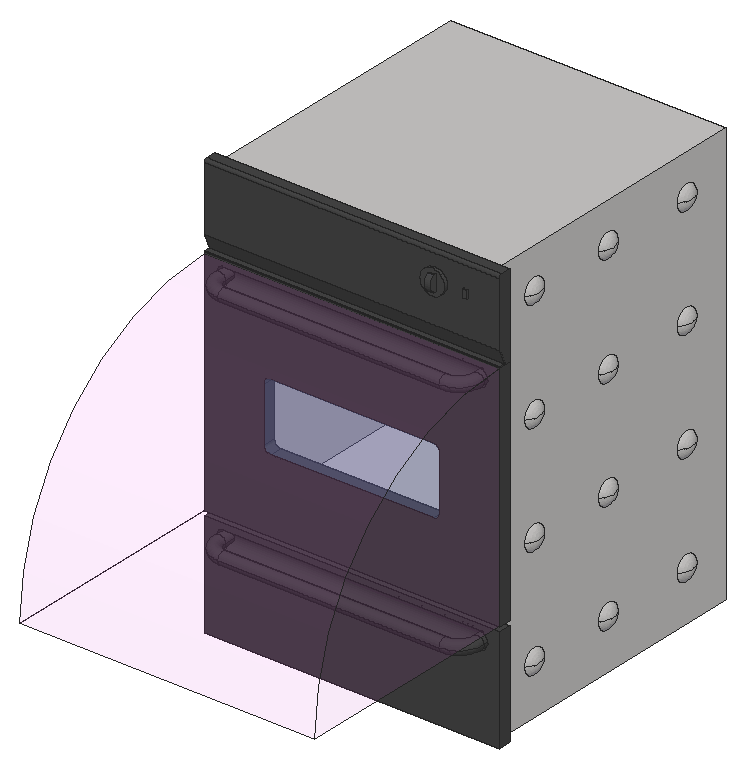
Revit family "QF_Summit_TTM7212DK_Oven", category Specialty Equipment, Revit 2020
Family settings
  Round Connector Dimension = Use Diameter
  Part Type = Normal
  Work Plane-Based = No
  Always vertical = Yes
  Cut with Voids When Loaded = No
  Shared = No
  Room Calculation Point = No
Parameters
  Weight in Pounds = 140
  Watts = if(Phase = 3, Volts * FL Amps * 1.73, Volts * FL Amps)  # 414 W
  Volts = 115 V
  URL Cutsheet = ""
  Specification by User = ""
  Specification by Manufacturer = ""
  Show Clearance [instance] = yes
  Serial Number = ""
  Seismic Rating = ""
  SMACNA No = ""
  Revision Code = ""
  Phase = 1
  Number of Poles = 1
  NAFEM Spec ID Number = ""
  Model = "TTM7212DK"
  Min Ckt Ampacity = 0 A
  Max Overcurrent Protection = 0 A
  Masterspec = ""
  Manufacturer = "Summit"
  Length = 24"
  Item Number = ""
  Installed By = ""
  Identify Quantity as Lot = yes
  Height = 34 1/2"
  HP = ""
  Furnished By = ""
  Foodservice Equipment Identifier = yes
  FL Amps = 3.6 A
  Electrical Remarks = ""
  Electric Connection Type = ""
  Elec Conn RI Height = 0"
  Elec Conn Connection Height = 0"
  Description = "Oven"
  Depth = 24"
  Default Elevation = 0"
  Cycle = 60 Hz
  Conn Plug = ""
  Conn Conduit = yes
  CSI MasterFormat = ""
  Apparent Power = if(Phase = 3, Volts * FL Amps * 1.73, Volts * FL Amps)  # 414 VA
Reference planes (in)
  plane 1 "BACK": y = 0
  plane 2: z = 0
  plane 3 "LEFT": x = 0
  plane 4 "RIGHT": x = 24
  plane 5 "FRONT": y = -24
  plane 6 "TOP": z = 34.875
  plane 7 "Center Y": x = 12
  plane 8 "Center X": y = -12
  plane 9: y = -23
  plane 10: y = -26.375
  plane 11: z = 27.75
  plane 12: z = 8.5
  plane 13: z = 8.875
  plane 14: y = -42.75
  plane 15: z = 34.5
Forms (in)
  Extrusion 1, solid, material "QF_Metal_Stainless_Polished"
    sketch origin (0, 0, 0) x (1, 0, 0) y (0, 1, 0)
      loop
        line (0.8125, 0) -> (0.8125, -23) -> (23.1875, -23) -> (23.1875, 0) -> (0.8125, 0)
    from 0 to 34.375
  Extrusion 2, solid, material "QF_Metal_Black"
    sketch origin (0, -24, 0.125) x (1, 0, 0) y (0, 0, 1)
      loop
        line (0, 8.375) -> (0, -0.125) -> (24, -0.125) -> (24, 8.375) -> (0, 8.375)
      loop
        line (0, 8.75) -> (24, 8.75) -> (24, 27.625) -> (0, 27.625) -> (0, 8.75)
    from 0 to -1
  Extrusion 3, solid, material "QF_Metal_Black"
    sketch origin (0, 0, 0) x (0, 1, 0) y (0, 0, 1)
      loop
        line (-23, 34.5) -> (-23.75, 34.5)
        arc (-23.75, 34.5) -> (-23.92678, 34.42678) -> (-24, 34.25) r 0.25
        line (-24, 34.25) -> (-24, 29) -> (-23.5, 27.79419) -> (-24, 27.79419) -> (-24, 27.75) -> (-23, 27.75) -> (-23, 34.5)
    from 0 to 24
  Revolve 4, void
    sketch origin (0, -0.05469, 26.49744) x (1, 0, 0) y (0, 1, 0)
      loop
        line (1, -24.15625) -> (23, -24.15625) -> (23, -24.00262)
        arc (23, -24.00262) -> (22.82068, -23.56969) -> (22.38775, -23.39037) r 0.61225
        line (22.38775, -23.39037) -> (1.61225, -23.39037)
        arc (1.61225, -23.39037) -> (1.17932, -23.56969) -> (1, -24.00262) r 0.61225
        line (1, -24.00262) -> (1, -24.15625)
      axis (23, -24.15625) -> (1, -24.15625)
    angle from -134.169 to 145.733
  Revolve 5, void
    sketch origin (0, -0.05469, 7.32557) x (1, 0, 0) y (0, 1, 0)
      loop
        line (1, -24.15625) -> (23, -24.15625) -> (23, -24.00262)
        arc (23, -24.00262) -> (22.82068, -23.56969) -> (22.38775, -23.39037) r 0.61225
        line (22.38775, -23.39037) -> (1.61225, -23.39037)
        arc (1.61225, -23.39037) -> (1.17932, -23.56969) -> (1, -24.00262) r 0.61225
        line (1, -24.00262) -> (1, -24.15625)
      axis (23, -24.15625) -> (1, -24.15625)
    angle from -134.169 to 145.733
  Sweep 6, solid, material "QF_Metal_Black"
    path origin (0, 0, 0) x (1, 0, 0) y (0, 1, 0)
      loop
        line (1, -23.5) -> (1, -24.375)
        arc (1, -24.375) -> (1.58579, -25.78921) -> (3, -26.375) r 2
        line (3, -26.375) -> (21, -26.375)
        arc (21, -26.375) -> (22.41421, -25.78921) -> (23, -24.375) r 2
        line (23, -24.375) -> (23, -23.5)
    profile origin (12, -26.375, 0) x (0, 1, 0) y (0, 0, 1)
      loop
        circle (0.5, 26.5) r 0.5
  Sweep 7, solid, material "QF_Metal_Black"
    path origin (0, 0, -19.17187) x (1, 0, 0) y (0, 1, 0)
      loop
        line (1, -23.5) -> (1, -24.375)
        arc (1, -24.375) -> (1.58579, -25.78921) -> (3, -26.375) r 2
        line (3, -26.375) -> (21, -26.375)
        arc (21, -26.375) -> (22.41421, -25.78921) -> (23, -24.375) r 2
        line (23, -24.375) -> (23, -23.5)
    profile origin (12, -26.375, -19.17187) x (0, 1, 0) y (0, 0, 1)
      loop
        circle (0.5, 26.5) r 0.5
  Extrusion 8, solid, material "QF_Plastic_Black_Smooth"
    sketch origin (20.91227, -24, 32.63936) x (0, 0, 1) y (0, -1, 0)
      loop
        line (-0.12746, 0) -> (-0.12746, 0.10905)
        arc (-0.12746, 0.10905) -> (-0.44721, 0.08236) -> (-0.76795, 0.07343) r 5.7865
        line (-0.76795, 0.07343) -> (-0.76795, 0) -> (-0.12746, 0)
    from 0.1968 to 0.4972
  Extrusion 9, solid, material "QF_Plastic_Black_Smooth"
    sketch origin (0, -24, 29) x (0, 0, 1) y (-1, 0, 0)
      loop
        circle (3.25, -18.75) r 1
    from 0 to 0.25
  Extrusion 10, solid, material "QF_Plastic_Black_Smooth"
    sketch origin (-0.04382, 0, 0) x (0, 1, 0) y (0, 0, 1)
      loop
        line (-24.25, 32.91606) -> (-24.40555, 32.91606)
        arc (-24.40555, 32.91606) -> (-24.75, 32.2654) -> (-24.40555, 31.61474) r 0.78677
        line (-24.40555, 31.61474) -> (-24.25, 31.61474) -> (-24.25, 32.91606)
    from 19.04382 to 18.54382
  Revolve 11, solid, material "QF_Metal_Stainless_Polished"
    sketch origin (0, 0, 4.125) x (1, 0, 0) y (0, 1, 0)
      loop
        line (23.1875, -4) -> (23.6875, -4)
        arc (23.6875, -4) -> (23.55162, -3.44294) -> (23.1875, -3) r 1.28845
        line (23.1875, -3) -> (23.1875, -4)
      axis (23.1875, -4) -> (23.6875, -4)
    angle from 0 to 360
  Revolve 12, solid, material "QF_Metal_Stainless_Polished"
    sketch origin (0, 0, 13.125) x (1, 0, 0) y (0, 1, 0)
      loop
        line (23.1875, -4) -> (23.6875, -4)
        arc (23.6875, -4) -> (23.55162, -3.44294) -> (23.1875, -3) r 1.28845
        line (23.1875, -3) -> (23.1875, -4)
      axis (23.1875, -4) -> (23.6875, -4)
    angle from 0 to 360
  Revolve 13, solid, material "QF_Metal_Stainless_Polished"
    sketch origin (0, 0, 22.125) x (1, 0, 0) y (0, 1, 0)
      loop
        line (23.1875, -4) -> (23.6875, -4)
        arc (23.6875, -4) -> (23.55162, -3.44294) -> (23.1875, -3) r 1.28845
        line (23.1875, -3) -> (23.1875, -4)
      axis (23.1875, -4) -> (23.6875, -4)
    angle from 0 to 360
  Revolve 14, solid, material "QF_Metal_Stainless_Polished"
    sketch origin (0, 0, 31.125) x (1, 0, 0) y (0, 1, 0)
      loop
        line (23.1875, -4) -> (23.6875, -4)
        arc (23.6875, -4) -> (23.55162, -3.44294) -> (23.1875, -3) r 1.28845
        line (23.1875, -3) -> (23.1875, -4)
      axis (23.1875, -4) -> (23.6875, -4)
    angle from 0 to 360
  Revolve 15, solid, material "QF_Metal_Stainless_Polished"
    sketch origin (0, -8, 31.125) x (1, 0, 0) y (0, 1, 0)
      loop
        line (23.1875, -4) -> (23.6875, -4)
        arc (23.6875, -4) -> (23.55162, -3.44294) -> (23.1875, -3) r 1.28845
        line (23.1875, -3) -> (23.1875, -4)
      axis (23.1875, -4) -> (23.6875, -4)
    angle from 0 to 360
  Revolve 16, solid, material "QF_Metal_Stainless_Polished"
    sketch origin (0, -15.5, 31.125) x (1, 0, 0) y (0, 1, 0)
      loop
        line (23.1875, -4) -> (23.6875, -4)
        arc (23.6875, -4) -> (23.55162, -3.44294) -> (23.1875, -3) r 1.28845
        line (23.1875, -3) -> (23.1875, -4)
      axis (23.1875, -4) -> (23.6875, -4)
    angle from 0 to 360
  Revolve 17, solid, material "QF_Metal_Stainless_Polished"
    sketch origin (0, -8, 4.125) x (1, 0, 0) y (0, 1, 0)
      loop
        line (23.1875, -4) -> (23.6875, -4)
        arc (23.6875, -4) -> (23.55162, -3.44294) -> (23.1875, -3) r 1.28845
        line (23.1875, -3) -> (23.1875, -4)
      axis (23.1875, -4) -> (23.6875, -4)
    angle from 0 to 360
  Revolve 18, solid, material "QF_Metal_Stainless_Polished"
    sketch origin (0, -8, 13.125) x (1, 0, 0) y (0, 1, 0)
      loop
        line (23.1875, -4) -> (23.6875, -4)
        arc (23.6875, -4) -> (23.55162, -3.44294) -> (23.1875, -3) r 1.28845
        line (23.1875, -3) -> (23.1875, -4)
      axis (23.1875, -4) -> (23.6875, -4)
    angle from 0 to 360
  Revolve 19, solid, material "QF_Metal_Stainless_Polished"
    sketch origin (0, -8, 22.125) x (1, 0, 0) y (0, 1, 0)
      loop
        line (23.1875, -4) -> (23.6875, -4)
        arc (23.6875, -4) -> (23.55162, -3.44294) -> (23.1875, -3) r 1.28845
        line (23.1875, -3) -> (23.1875, -4)
      axis (23.1875, -4) -> (23.6875, -4)
    angle from 0 to 360
  Revolve 20, solid, material "QF_Metal_Stainless_Polished"
    sketch origin (0, -15.5, 4.125) x (1, 0, 0) y (0, 1, 0)
      loop
        line (23.1875, -4) -> (23.6875, -4)
        arc (23.6875, -4) -> (23.55162, -3.44294) -> (23.1875, -3) r 1.28845
        line (23.1875, -3) -> (23.1875, -4)
      axis (23.1875, -4) -> (23.6875, -4)
    angle from 0 to 360
  Revolve 21, solid, material "QF_Metal_Stainless_Polished"
    sketch origin (0, -15.5, 13.125) x (1, 0, 0) y (0, 1, 0)
      loop
        line (23.1875, -4) -> (23.6875, -4)
        arc (23.6875, -4) -> (23.55162, -3.44294) -> (23.1875, -3) r 1.28845
        line (23.1875, -3) -> (23.1875, -4)
      axis (23.1875, -4) -> (23.6875, -4)
    angle from 0 to 360
  Revolve 22, solid, material "QF_Metal_Stainless_Polished"
    sketch origin (0, -15.5, 22.125) x (1, 0, 0) y (0, 1, 0)
      loop
        line (23.1875, -4) -> (23.6875, -4)
        arc (23.6875, -4) -> (23.55162, -3.44294) -> (23.1875, -3) r 1.28845
        line (23.1875, -3) -> (23.1875, -4)
      axis (23.1875, -4) -> (23.6875, -4)
    angle from 0 to 360
  Revolve 23, solid, material "QF_Metal_Stainless_Polished"
    sketch origin (24, 0, 4.125) x (-1, 0, 0) y (0, -1, 0)
      loop
        line (23.1875, 4) -> (23.1875, 3)
        arc (23.1875, 3) -> (23.55162, 3.44294) -> (23.6875, 4) r 1.28845
        line (23.6875, 4) -> (23.1875, 4)
      axis (23.1875, 4) -> (23.6875, 4)
    angle from 0 to 360
  Revolve 24, solid, material "QF_Metal_Stainless_Polished"
    sketch origin (24, 0, 13.125) x (-1, 0, 0) y (0, -1, 0)
      loop
        line (23.1875, 4) -> (23.1875, 3)
        arc (23.1875, 3) -> (23.55162, 3.44294) -> (23.6875, 4) r 1.28845
        line (23.6875, 4) -> (23.1875, 4)
      axis (23.1875, 4) -> (23.6875, 4)
    angle from 0 to 360
  Revolve 25, solid, material "QF_Metal_Stainless_Polished"
    sketch origin (24, 0, 22.125) x (-1, 0, 0) y (0, -1, 0)
      loop
        line (23.1875, 4) -> (23.1875, 3)
        arc (23.1875, 3) -> (23.55162, 3.44294) -> (23.6875, 4) r 1.28845
        line (23.6875, 4) -> (23.1875, 4)
      axis (23.1875, 4) -> (23.6875, 4)
    angle from 0 to 360
  Revolve 26, solid, material "QF_Metal_Stainless_Polished"
    sketch origin (24, 0, 31.125) x (-1, 0, 0) y (0, -1, 0)
      loop
        line (23.1875, 4) -> (23.1875, 3)
        arc (23.1875, 3) -> (23.55162, 3.44294) -> (23.6875, 4) r 1.28845
        line (23.6875, 4) -> (23.1875, 4)
      axis (23.1875, 4) -> (23.6875, 4)
    angle from 0 to 360
  Revolve 27, solid, material "QF_Metal_Stainless_Polished"
    sketch origin (24, -8, 31.125) x (-1, 0, 0) y (0, -1, 0)
      loop
        line (23.1875, 4) -> (23.1875, 3)
        arc (23.1875, 3) -> (23.55162, 3.44294) -> (23.6875, 4) r 1.28845
        line (23.6875, 4) -> (23.1875, 4)
      axis (23.1875, 4) -> (23.6875, 4)
    angle from 0 to 360
  Revolve 28, solid, material "QF_Metal_Stainless_Polished"
    sketch origin (24, -15.5, 31.125) x (-1, 0, 0) y (0, -1, 0)
      loop
        line (23.1875, 4) -> (23.1875, 3)
        arc (23.1875, 3) -> (23.55162, 3.44294) -> (23.6875, 4) r 1.28845
        line (23.6875, 4) -> (23.1875, 4)
      axis (23.1875, 4) -> (23.6875, 4)
    angle from 0 to 360
  Revolve 29, solid, material "QF_Metal_Stainless_Polished"
    sketch origin (24, -8, 4.125) x (-1, 0, 0) y (0, -1, 0)
      loop
        line (23.1875, 4) -> (23.1875, 3)
        arc (23.1875, 3) -> (23.55162, 3.44294) -> (23.6875, 4) r 1.28845
        line (23.6875, 4) -> (23.1875, 4)
      axis (23.1875, 4) -> (23.6875, 4)
    angle from 0 to 360
  Revolve 30, solid, material "QF_Metal_Stainless_Polished"
    sketch origin (24, -8, 13.125) x (-1, 0, 0) y (0, -1, 0)
      loop
        line (23.1875, 4) -> (23.1875, 3)
        arc (23.1875, 3) -> (23.55162, 3.44294) -> (23.6875, 4) r 1.28845
        line (23.6875, 4) -> (23.1875, 4)
      axis (23.1875, 4) -> (23.6875, 4)
    angle from 0 to 360
  Revolve 31, solid, material "QF_Metal_Stainless_Polished"
    sketch origin (24, -8, 22.125) x (-1, 0, 0) y (0, -1, 0)
      loop
        line (23.1875, 4) -> (23.1875, 3)
        arc (23.1875, 3) -> (23.55162, 3.44294) -> (23.6875, 4) r 1.28845
        line (23.6875, 4) -> (23.1875, 4)
      axis (23.1875, 4) -> (23.6875, 4)
    angle from 0 to 360
  Revolve 32, solid, material "QF_Metal_Stainless_Polished"
    sketch origin (24, -15.5, 4.125) x (-1, 0, 0) y (0, -1, 0)
      loop
        line (23.1875, 4) -> (23.1875, 3)
        arc (23.1875, 3) -> (23.55162, 3.44294) -> (23.6875, 4) r 1.28845
        line (23.6875, 4) -> (23.1875, 4)
      axis (23.1875, 4) -> (23.6875, 4)
    angle from 0 to 360
  Revolve 33, solid, material "QF_Metal_Stainless_Polished"
    sketch origin (24, -15.5, 13.125) x (-1, 0, 0) y (0, -1, 0)
      loop
        line (23.1875, 4) -> (23.1875, 3)
        arc (23.1875, 3) -> (23.55162, 3.44294) -> (23.6875, 4) r 1.28845
        line (23.6875, 4) -> (23.1875, 4)
      axis (23.1875, 4) -> (23.6875, 4)
    angle from 0 to 360
  Revolve 34, solid, material "QF_Metal_Stainless_Polished"
    sketch origin (24, -15.5, 22.125) x (-1, 0, 0) y (0, -1, 0)
      loop
        line (23.1875, 4) -> (23.1875, 3)
        arc (23.1875, 3) -> (23.55162, 3.44294) -> (23.6875, 4) r 1.28845
        line (23.6875, 4) -> (23.1875, 4)
      axis (23.1875, 4) -> (23.6875, 4)
    angle from 0 to 360
  Extrusion 35, solid, material "QF_Metal_Stainless_Polished"
    sketch origin (0.8125, 0, 0) x (1, 0, 0) y (0, 0, -1)
      loop
        circle (11.1875, -33.47209) r 0.25
    from 0 to 0.0625
  Extrusion 36, void
    sketch origin (0, -24, 0.125) x (1, 0, 0) y (0, 0, 1)
      loop
        arc (19.125, 19.75) -> (18.97855, 20.10355) -> (18.625, 20.25) r 0.5
        line (18.625, 20.25) -> (5.375, 20.25)
        arc (5.375, 20.25) -> (5.02145, 20.10355) -> (4.875, 19.75) r 0.5
        line (4.875, 19.75) -> (4.875, 15.25)
        arc (4.875, 15.25) -> (5.02145, 14.89645) -> (5.375, 14.75) r 0.5
        line (5.375, 14.75) -> (18.625, 14.75)
        arc (18.625, 14.75) -> (18.97855, 14.89645) -> (19.125, 15.25) r 0.5
        line (19.125, 15.25) -> (19.125, 19.75)
    from 0.5311 to -1
  Extrusion 37, solid, material "Glass"
    sketch origin (0, -24, 0.125) x (1, 0, 0) y (0, 0, 1)
      loop
        arc (4.875, 15.25) -> (5.02145, 14.89645) -> (5.375, 14.75) r 0.5
        line (5.375, 14.75) -> (18.625, 14.75)
        arc (18.625, 14.75) -> (18.97855, 14.89645) -> (19.125, 15.25) r 0.5
        line (19.125, 15.25) -> (19.125, 19.75)
        arc (19.125, 19.75) -> (18.97855, 20.10355) -> (18.625, 20.25) r 0.5
        line (18.625, 20.25) -> (5.375, 20.25)
        arc (5.375, 20.25) -> (5.02145, 20.10355) -> (4.875, 19.75) r 0.5
        line (4.875, 19.75) -> (4.875, 15.25)
    from 0 to -1
  Extrusion 38, void
    sketch origin (0, 0, 0) x (1, 0, 0) y (0, 1, 0)
      loop
        line (2, -24.83785) -> (22, -24.83785) -> (22, -5) -> (2, -5) -> (2, -24.83785)
    from 8.875 to 27
  Extrusion 39, solid, material "QF_Clearances_Door_Drawer", visible <- "Show Clearance"
    sketch origin (0, 0, 0) x (0, 1, 0) y (0, 0, 1)
      loop
        line (-42.75, 8.875) -> (-24, 8.875) -> (-24, 27.625)
        arc (-24, 27.625) -> (-37.25825, 22.13325) -> (-42.75, 8.875) r 18.75
    from 0 to 24
Cuts and joins
  Revolve 4, Revolve 5, Extrusion 36 cuts Extrusion 2
  Extrusion 38 cuts Extrusion 1
Lines and regions (in)
  Split face 1
    outline origin (0, -24, 29) x (0, 0, 1) y (-1, 0, 0)
      loop
        arc (4.875, -1.25) -> (4.72855, -0.89645) -> (4.375, -0.75) r 0.5
        line (4.375, -0.75) -> (2.29419, -0.75)
        arc (2.29419, -0.75) -> (1.94064, -0.89645) -> (1.79419, -1.25) r 0.5
        line (1.79419, -1.25) -> (1.79419, -9)
        arc (1.79419, -9) -> (1.94064, -9.35355) -> (2.29419, -9.5) r 0.5
        line (2.29419, -9.5) -> (4.375, -9.5)
        arc (4.375, -9.5) -> (4.72855, -9.35355) -> (4.875, -9) r 0.5
        line (4.875, -9) -> (4.875, -1.25)
  Split face 2
    outline origin (0, -24, 29) x (0, 0, 1) y (-1, 0, 0)
      loop
        line (4.6875, -9) -> (4.6875, -1.25)
        arc (4.6875, -1.25) -> (4.59597, -1.02903) -> (4.375, -0.9375) r 0.3125
        line (4.375, -0.9375) -> (2.29419, -0.9375)
        arc (2.29419, -0.9375) -> (2.07322, -1.02903) -> (1.98169, -1.25) r 0.3125
        line (1.98169, -1.25) -> (1.98169, -9)
        arc (1.98169, -9) -> (2.07322, -9.22097) -> (2.29419, -9.3125) r 0.3125
        line (2.29419, -9.3125) -> (4.375, -9.3125)
        arc (4.375, -9.3125) -> (4.59597, -9.22097) -> (4.6875, -9) r 0.3125
  Split face 3
    outline origin (0, -24, 29) x (0, 0, 1) y (-1, 0, 0)
      loop
        arc (4.875, -10.54922) -> (4.72855, -10.19566) -> (4.375, -10.04922) r 0.5
        line (4.375, -10.04922) -> (2.29419, -10.04922)
        arc (2.29419, -10.04922) -> (1.94064, -10.19566) -> (1.79419, -10.54922) r 0.5
        line (1.79419, -10.54922) -> (1.79419, -22.6875)
        arc (1.79419, -22.6875) -> (1.94064, -23.04105) -> (2.29419, -23.1875) r 0.5
        line (2.29419, -23.1875) -> (4.375, -23.1875)
        arc (4.375, -23.1875) -> (4.72855, -23.04105) -> (4.875, -22.6875) r 0.5
        line (4.875, -22.6875) -> (4.875, -10.54922)
  Split face 4
    outline origin (0, -24, 29) x (0, 0, 1) y (-1, 0, 0)
      loop
        line (4.6875, -22.6875) -> (4.6875, -10.54922)
        arc (4.6875, -10.54922) -> (4.59597, -10.32825) -> (4.375, -10.23672) r 0.3125
        line (4.375, -10.23672) -> (2.29419, -10.23672)
        arc (2.29419, -10.23672) -> (2.07322, -10.32825) -> (1.98169, -10.54922) r 0.3125
        line (1.98169, -10.54922) -> (1.98169, -22.6875)
        arc (1.98169, -22.6875) -> (2.07322, -22.90847) -> (2.29419, -23) r 0.3125
        line (2.29419, -23) -> (4.375, -23)
        arc (4.375, -23) -> (4.59597, -22.90847) -> (4.6875, -22.6875) r 0.3125
  Split face 5
    outline origin (0, -24, 29) x (0, 0, 1) y (-1, 0, 0)
      loop
        line (3.61107, -3.77672) -> (2.86107, -3.77772) -> (2.86107, -6.76604) -> (3.61107, -6.76604) -> (3.61107, -3.77672)
  Split face 6
    outline origin (0, -24, 29) x (0, 0, 1) y (-1, 0, 0)
      loop
        arc (3.76732, -7.26422) -> (3.75267, -7.22887) -> (3.71732, -7.21422) r 0.05
        line (3.71732, -7.21422) -> (3.31732, -7.21422)
        arc (3.31732, -7.21422) -> (3.28196, -7.22887) -> (3.26732, -7.26422) r 0.05
        line (3.26732, -7.26422) -> (3.26732, -7.78922)
        arc (3.26732, -7.78922) -> (3.28196, -7.82458) -> (3.31732, -7.83922) r 0.05
        line (3.31732, -7.83922) -> (3.71732, -7.83922)
        arc (3.71732, -7.83922) -> (3.75267, -7.82458) -> (3.76732, -7.78922) r 0.05
        line (3.76732, -7.78922) -> (3.76732, -7.26422)
  Split face 7
    outline origin (0, -24, 29) x (0, 0, 1) y (-1, 0, 0)
      loop
        arc (3.20482, -7.26422) -> (3.19017, -7.22887) -> (3.15482, -7.21422) r 0.05
        line (3.15482, -7.21422) -> (2.75482, -7.21422)
        arc (2.75482, -7.21422) -> (2.71946, -7.22887) -> (2.70482, -7.26422) r 0.05
        line (2.70482, -7.26422) -> (2.70482, -7.78922)
        arc (2.70482, -7.78922) -> (2.71946, -7.82458) -> (2.75482, -7.83922) r 0.05
        line (2.75482, -7.83922) -> (3.15482, -7.83922)
        arc (3.15482, -7.83922) -> (3.19017, -7.82458) -> (3.20482, -7.78922) r 0.05
        line (3.20482, -7.78922) -> (3.20482, -7.26422)
  Split face 8
    outline origin (0, -24, 29) x (0, 0, 1) y (-1, 0, 0)
      loop
        line (3.76732, -3.28922) -> (3.76732, -2.76422)
        arc (3.76732, -2.76422) -> (3.75267, -2.72887) -> (3.71732, -2.71422) r 0.05
        line (3.71732, -2.71422) -> (3.31732, -2.71422)
        arc (3.31732, -2.71422) -> (3.28196, -2.72887) -> (3.26732, -2.76422) r 0.05
        line (3.26732, -2.76422) -> (3.26732, -3.28922)
        arc (3.26732, -3.28922) -> (3.28196, -3.32458) -> (3.31732, -3.33922) r 0.05
        line (3.31732, -3.33922) -> (3.71732, -3.33922)
        arc (3.71732, -3.33922) -> (3.75267, -3.32458) -> (3.76732, -3.28922) r 0.05
  Split face 9
    outline origin (0, -24, 29) x (0, 0, 1) y (-1, 0, 0)
      loop
        line (3.20482, -3.28922) -> (3.20482, -2.76422)
        arc (3.20482, -2.76422) -> (3.19017, -2.72887) -> (3.15482, -2.71422) r 0.05
        line (3.15482, -2.71422) -> (2.75482, -2.71422)
        arc (2.75482, -2.71422) -> (2.71946, -2.72887) -> (2.70482, -2.76422) r 0.05
        line (2.70482, -2.76422) -> (2.70482, -3.28922)
        arc (2.70482, -3.28922) -> (2.71946, -3.32458) -> (2.75482, -3.33922) r 0.05
        line (2.75482, -3.33922) -> (3.15482, -3.33922)
        arc (3.15482, -3.33922) -> (3.19017, -3.32458) -> (3.20482, -3.28922) r 0.05
  Split face 10
    outline origin (0, -24, 28.99886) x (0, 0, 1) y (-1, 0, 0)
      loop
        line (2.81005, -21.04657) -> (2.81005, -21.47197) -> (3.57418, -21.47197) -> (3.57418, -21.04657) -> (2.81005, -21.04657)
  Split face 11
    outline origin (0, -24, 29) x (0, 0, 1) y (-1, 0, 0)
      loop
        circle (3.35208, -16.21465) r 0.25
  Split face 12
    outline origin (0, -24, 29) x (0, 0, 1) y (-1, 0, 0)
      loop
        line (3.86007, -2.52672) -> (2.61107, -2.52672) -> (2.61107, -8.02672) -> (3.86007, -8.02572) -> (3.86007, -2.52672)
  Split face 13
    outline origin (0, -24, 29) x (0, 0, 1) y (-1, 0, 0)
      loop
        line (2.76785, -11.07996) -> (2.76785, -15.07996) -> (3.66458, -15.07996) -> (3.66458, -11.07996) -> (2.76785, -11.07996)
  Split face 14
    outline origin (0, -24, 29) x (0, 0, 1) y (-1, 0, 0)
      loop
        line (3.70482, -3.27672) -> (3.70482, -2.77672) -> (3.32982, -2.77672) -> (3.32982, -3.27672) -> (3.70482, -3.27672)
  Split face 15
    outline origin (0, -24, 29) x (0, 0, 1) y (-1, 0, 0)
      loop
        line (2.76732, -3.27672) -> (3.14232, -3.27672) -> (3.14232, -2.77672) -> (2.76732, -2.77672) -> (2.76732, -3.27672)
  Split face 16
    outline origin (0, -24, 29) x (0, 0, 1) y (-1, 0, 0)
      loop
        line (3.70482, -7.27672) -> (3.32982, -7.27672) -> (3.32982, -7.77672) -> (3.70482, -7.77672) -> (3.70482, -7.27672)
  Split face 17
    outline origin (0, -24, 29) x (0, 0, 1) y (-1, 0, 0)
      loop
        line (3.14232, -7.27672) -> (2.76732, -7.27672) -> (2.76732, -7.77672) -> (3.14232, -7.77672) -> (3.14232, -7.27672)
  symbolic lines
    curve 1: line (0, -24, 27) -> (0, -24, 26)
    curve 2: line (0.8125, 0, 0) -> (23.1875, 0, 0)
    curve 3: line (0.8125, -23, 0) -> (0.8125, 0, 0)
    curve 4: line (24, -23, 0) -> (0, -23, 0)
    curve 5: line (23.1875, 0, 0) -> (23.1875, -23, 0)
    curve 6: line (0, -23, 0) -> (0, -24, 0)
    curve 7: line (0, -24, 0) -> (24, -24, 0)
    curve 8: line (24, -24, 0) -> (24, -23, 0)
    curve 9: line (21.10907, -24, 0) -> (21.10907, -24.10905, 0)
    curve 10: line (21.10907, -24.10905, 0) -> (21.40947, -24.10905, 0)
    curve 11: line (21.40947, -24.10905, 0) -> (21.40947, -24, 0)
    curve 12: line (19.74618, -24.25, 0) -> (17.74618, -24.25, 0)
    curve 13: line (17.74618, -24.25, 0) -> (17.74618, -24, 0)
    curve 14: line (19.74618, -24.25, 0) -> (19.74618, -24, 0)
    curve 15: line (18.5, -24.25, 0) -> (18.5, -24.75, 0)
    curve 16: line (18.5, -24.75, 0) -> (19, -24.75, 0)
    curve 17: line (19, -24.75, 0) -> (19, -24.25, 0)
    curve 18: line (2.99288, -26.375, 0) -> (21.00712, -26.375, 0)
    curve 19: line (1, -24, 0) -> (1, -24.38212, 0)
    curve 20: arc (1, -24.38212, 0) -> (1.5837, -25.7913, 0) -> (2.99288, -26.375, 0) r 1.99288
    curve 21: line (2, -24, 0) -> (2, -24.375, 0)
    curve 22: line (3, -25.375, 0) -> (21, -25.375, 0)
    curve 23: arc (2, -24.375, 0) -> (2.29289, -25.0821, 0) -> (3, -25.375, 0) r 1
    curve 24: line (23, -24, 0) -> (23, -24.38212, 0)
    curve 25: arc (23, -24.38212, 0) -> (22.4163, -25.7913, 0) -> (21.00712, -26.375, 0) r 1.99288
    curve 26: line (22, -24, 0) -> (22, -24.375, 0)
    curve 27: arc (22, -24.375, 0) -> (21.70711, -25.0821, 0) -> (21, -25.375, 0) r 1
    curve 28: arc (23.1875, -3.00968, 0) -> (23.69024, -4.00968, 0) -> (23.1875, -5.00968, 0) r 1.24593
    curve 29: arc (23.1875, -11, 0) -> (23.69024, -12, 0) -> (23.1875, -13, 0) r 1.24593
    curve 30: arc (23.1875, -18.5, 0) -> (23.69024, -19.5, 0) -> (23.1875, -20.5, 0) r 1.24593
    curve 31: arc (0.8125, -3.00968, 0) -> (0.30976, -4.00968, 0) -> (0.8125, -5.00968, 0) r 1.24593
    curve 32: arc (0.8125, -11, 0) -> (0.30976, -12, 0) -> (0.8125, -13, 0) r 1.24593
    curve 33: arc (0.8125, -18.5, 0) -> (0.30976, -19.5, 0) -> (0.8125, -20.5, 0) r 1.24593
  symbolic lines, style "QF_Clearances_Door_Drawer", visible <- "Show Clearance"
    curve 34: line (0, -24, 0) -> (0, -42.75, 0)
    curve 35: line (0, -42.75, 0) -> (24, -42.75, 0)
    curve 36: line (24, -42.75, 0) -> (24, -24, 0)
Dimensions and locks (in)
  equal spacing: plane 3 "LEFT", plane 7 "Center Y", plane 4 "RIGHT"
  "Length": plane 3 "LEFT" to plane 4 "RIGHT"
  equal spacing: plane 5 "FRONT", plane 8 "Center X", plane 1 "BACK"
  "Depth": plane 5 "FRONT" to plane 1 "BACK"
  plane 6 "TOP" to level = 34 7/8"
  plane 9 to plane 1 "BACK" = 23"
  plane 10 to plane 5 "FRONT" = 2 3/8"
  plane 11 to level = 27 3/4"
  plane 12 to level = 8 1/2"
  plane 11 to plane 13 = 18 7/8"
  plane 14 to plane 1 "BACK" = 42 3/4"
  plane 9 to plane 5 "FRONT" = 1"
  cut or joined group of Extrusion 1, Extrusion 38 to cut or joined group of Extrusion 1, Extrusion 38 = 22 3/8"
  "Height": plane 15 to plane 2
  aligned and locked: level to plane 2
Automatic sketch dimensions
  curve 1 to plane 5 "FRONT" = 0"
  curve 1 to plane 11 = 1 3/4"
  curve 1 to plane 11 = 3/4"
  Extrusion 1 sketch curve to plane 9 = 0"
  plane 1 "BACK" to Extrusion 1 sketch curve = 0"
  plane 4 "RIGHT" to Extrusion 1 sketch curve = 13/16"
  Extrusion 2 sketch curve to plane 3 "LEFT" = 0"  (x2)
  plane 4 "RIGHT" to Extrusion 2 sketch curve = 0"  (x2)
  Extrusion 2 sketch curve to level = 0"
  Extrusion 2 sketch curve to plane 12 = 0"
  Extrusion 2 sketch curve to plane 13 = 0"
  Extrusion 2 sketch curve to plane 11 = 0"
  plane 5 "FRONT" to Revolve 4 sketch curve = 0.0573"
  plane 4 "RIGHT" to Revolve 4 sketch curve = 1.61225"
  Revolve 4 sketch curve to Revolve 4 sketch curve = 0.61225"  (x2)
  Revolve 4 sketch curve to Revolve 4 sketch curve = 0.15363"
  plane 5 "FRONT" to Revolve 4 sketch curve = 27/128"
  Revolve 4 sketch curve to plane 3 "LEFT" = 1 1/4"
  plane 5 "FRONT" to Revolve 5 sketch curve = 0.0573"
  plane 4 "RIGHT" to Revolve 5 sketch curve = 1.61225"
  Revolve 5 sketch curve to Revolve 5 sketch curve = 0.61225"  (x2)
  Revolve 5 sketch curve to Revolve 5 sketch curve = 0.15363"
  plane 5 "FRONT" to Revolve 5 sketch curve = 27/128"
  Revolve 5 sketch curve to plane 3 "LEFT" = 1 1/4"
  Sweep 6 sketch curve to plane 10 = 0"
  plane 5 "FRONT" to Sweep 6 sketch curve = 3/8"  (x2)
  plane 4 "RIGHT" to Sweep 6 sketch curve = 3"
  Sweep 6 sketch curve to plane 5 "FRONT" = 1/2"  (x2)
  Sweep 6 sketch curve to profile plane = 1/2"
  level to Sweep 6 sketch curve = 26 1/2"
  Sweep 7 sketch curve to plane 10 = 0"
  plane 5 "FRONT" to Sweep 7 sketch curve = 3/8"  (x2)
  plane 4 "RIGHT" to Sweep 7 sketch curve = 3"
  Sweep 7 sketch curve to plane 5 "FRONT" = 1/2"  (x2)
  Sweep 7 sketch curve to profile plane = 1/2"
  profile plane to Sweep 7 sketch curve = 26 1/2"
  Split face 1 sketch curve to Extrusion 3 = 1.79419"
  Split face 1 sketch curve to Split face 1 sketch curve = 1/2"  (x3)
  Split face 1 sketch curve to Extrusion 3 = 9 1/2"
  Split face 1 sketch curve to Extrusion 3 = 1 1/4"
  Split face 2 sketch curve to Extrusion 3 = 1.98169"
  Split face 2 sketch curve to Split face 2 sketch curve = 5/16"  (x3)
  Split face 2 sketch curve to Extrusion 3 = 9 5/16"
  Split face 2 sketch curve to Extrusion 3 = 1 1/4"
  Split face 3 sketch curve to Extrusion 3 = 1.79419"
  Split face 3 sketch curve to Split face 3 sketch curve = 1/2"  (x3)
  Split face 3 sketch curve to Extrusion 3 = 13/16"
  Split face 3 sketch curve to Extrusion 3 = 10.54922"
  Split face 4 sketch curve to Extrusion 3 = 1.98169"
  Split face 4 sketch curve to Split face 4 sketch curve = 5/16"  (x3)
  Split face 4 sketch curve to Extrusion 3 = 1"
  Split face 4 sketch curve to Extrusion 3 = 10.54922"
  Split face 5 sketch curve to Split face 5 sketch curve = 3/4"
  Split face 5 sketch curve to Extrusion 3 = 6.76604"
  Split face 5 sketch curve to Split face 5 sketch curve = 2.98832"
  Extrusion 8 sketch curve to plane 5 "FRONT" = 0"
  Extrusion 8 sketch curve to Extrusion 8 sketch curve = 0.6405"
  plane 5 "FRONT" to Extrusion 8 sketch curve = 0.07343"
  Extrusion 8 sketch curve to Extrusion 8 sketch curve = 0.10905"
  Split face 10 sketch curve to Extrusion 3 = 2.80891"
  Split face 10 sketch curve to Split face 10 sketch curve = 0.76413"
  Split face 10 sketch curve to Extrusion 3 = 2.52803"
  Split face 10 sketch curve to Split face 10 sketch curve = 0.4254"
  Extrusion 3 to Extrusion 9 sketch curve = 5 1/4"
  plane 5 "FRONT" to Extrusion 10 sketch curve = 0.40555"  (x2)
  Extrusion 10 sketch curve to Extrusion 10 sketch curve = 0.15555"
  Extrusion 10 sketch curve to plane 5 "FRONT" = 0.03677"
  Extrusion 10 sketch curve to Extrusion 10 sketch curve = 0.65066"
  Split face 11 sketch curve to Extrusion 3 = 7.78535"
  plane 4 "RIGHT" to Revolve 11 sketch curve = 1.60081"
  Revolve 11 sketch curve to Revolve 11 sketch curve = 0.78831"
  plane 4 "RIGHT" to Revolve 11 sketch curve = 5/16"
  plane 1 "BACK" to Revolve 11 sketch curve = 4.01915"
  Revolve 11 sketch curve to Revolve 11 sketch curve = 0.01915"
  Revolve 11 sketch curve to Revolve 11 sketch curve = 0"  (x2)
  Revolve 11 sketch curve to plane 4 "RIGHT" = 1 11/16"
  plane 4 "RIGHT" to Revolve 12 sketch curve = 1.60081"
  Revolve 12 sketch curve to Revolve 12 sketch curve = 0.78831"
  plane 4 "RIGHT" to Revolve 12 sketch curve = 5/16"
  plane 1 "BACK" to Revolve 12 sketch curve = 4.01915"
  Revolve 12 sketch curve to Revolve 12 sketch curve = 0.01915"
  Revolve 12 sketch curve to Revolve 12 sketch curve = 0"  (x2)
  Revolve 12 sketch curve to plane 4 "RIGHT" = 1 11/16"
  plane 4 "RIGHT" to Revolve 13 sketch curve = 1.60081"
  Revolve 13 sketch curve to Revolve 13 sketch curve = 0.78831"
  plane 4 "RIGHT" to Revolve 13 sketch curve = 5/16"
  plane 1 "BACK" to Revolve 13 sketch curve = 4.01915"
  Revolve 13 sketch curve to Revolve 13 sketch curve = 0.01915"
  Revolve 13 sketch curve to Revolve 13 sketch curve = 0"  (x2)
  Revolve 13 sketch curve to plane 4 "RIGHT" = 1 11/16"
  plane 4 "RIGHT" to Revolve 14 sketch curve = 1.60081"
  Revolve 14 sketch curve to Revolve 14 sketch curve = 0.78831"
  plane 4 "RIGHT" to Revolve 14 sketch curve = 5/16"
  plane 1 "BACK" to Revolve 14 sketch curve = 4.01915"
  Revolve 14 sketch curve to Revolve 14 sketch curve = 0.01915"
  Revolve 14 sketch curve to Revolve 14 sketch curve = 0"  (x2)
  Revolve 14 sketch curve to plane 4 "RIGHT" = 1 11/16"
  Revolve 15 sketch curve to plane 8 "Center X" = 0"  (x2)
  Revolve 15 sketch curve to plane 8 "Center X" = 0.01915"
  plane 4 "RIGHT" to Revolve 15 sketch curve = 1.60081"
  Revolve 15 sketch curve to Revolve 15 sketch curve = 0.78831"
  plane 4 "RIGHT" to Revolve 15 sketch curve = 5/16"
  Revolve 15 sketch curve to Revolve 15 sketch curve = 0"
  Revolve 15 sketch curve to plane 4 "RIGHT" = 1 11/16"
  plane 4 "RIGHT" to Revolve 16 sketch curve = 1.60081"
  Revolve 16 sketch curve to Revolve 16 sketch curve = 0.78831"
  plane 4 "RIGHT" to Revolve 16 sketch curve = 5/16"
  plane 9 to Revolve 16 sketch curve = 3.48085"
  Revolve 16 sketch curve to Revolve 16 sketch curve = 0.01915"
  Revolve 16 sketch curve to Revolve 16 sketch curve = 0"  (x2)
  Revolve 16 sketch curve to plane 4 "RIGHT" = 1 11/16"
  Revolve 17 sketch curve to plane 8 "Center X" = 0"  (x2)
  Revolve 17 sketch curve to plane 8 "Center X" = 0.01915"
  plane 4 "RIGHT" to Revolve 17 sketch curve = 1.60081"
  Revolve 17 sketch curve to Revolve 17 sketch curve = 0.78831"
  plane 4 "RIGHT" to Revolve 17 sketch curve = 5/16"
  Revolve 17 sketch curve to Revolve 17 sketch curve = 0"
  Revolve 17 sketch curve to plane 4 "RIGHT" = 1 11/16"
  Revolve 18 sketch curve to plane 8 "Center X" = 0"  (x2)
  Revolve 18 sketch curve to plane 8 "Center X" = 0.01915"
  plane 4 "RIGHT" to Revolve 18 sketch curve = 1.60081"
  Revolve 18 sketch curve to Revolve 18 sketch curve = 0.78831"
  plane 4 "RIGHT" to Revolve 18 sketch curve = 5/16"
  Revolve 18 sketch curve to Revolve 18 sketch curve = 0"
  Revolve 18 sketch curve to plane 4 "RIGHT" = 1 11/16"
  Revolve 19 sketch curve to plane 8 "Center X" = 0"  (x2)
  Revolve 19 sketch curve to plane 8 "Center X" = 0.01915"
  plane 4 "RIGHT" to Revolve 19 sketch curve = 1.60081"
  Revolve 19 sketch curve to Revolve 19 sketch curve = 0.78831"
  plane 4 "RIGHT" to Revolve 19 sketch curve = 5/16"
  Revolve 19 sketch curve to Revolve 19 sketch curve = 0"
  Revolve 19 sketch curve to plane 4 "RIGHT" = 1 11/16"
  plane 4 "RIGHT" to Revolve 20 sketch curve = 1.60081"
  Revolve 20 sketch curve to Revolve 20 sketch curve = 0.78831"
  plane 4 "RIGHT" to Revolve 20 sketch curve = 5/16"
  plane 9 to Revolve 20 sketch curve = 3.48085"
  Revolve 20 sketch curve to Revolve 20 sketch curve = 0.01915"
  Revolve 20 sketch curve to Revolve 20 sketch curve = 0"  (x2)
  Revolve 20 sketch curve to plane 4 "RIGHT" = 1 11/16"
  plane 4 "RIGHT" to Revolve 21 sketch curve = 1.60081"
  Revolve 21 sketch curve to Revolve 21 sketch curve = 0.78831"
  plane 4 "RIGHT" to Revolve 21 sketch curve = 5/16"
  plane 9 to Revolve 21 sketch curve = 3.48085"
  Revolve 21 sketch curve to Revolve 21 sketch curve = 0.01915"
  Revolve 21 sketch curve to Revolve 21 sketch curve = 0"  (x2)
  Revolve 21 sketch curve to plane 4 "RIGHT" = 1 11/16"
  plane 4 "RIGHT" to Revolve 22 sketch curve = 1.60081"
  Revolve 22 sketch curve to Revolve 22 sketch curve = 0.78831"
  plane 4 "RIGHT" to Revolve 22 sketch curve = 5/16"
  plane 9 to Revolve 22 sketch curve = 3.48085"
  Revolve 22 sketch curve to Revolve 22 sketch curve = 0.01915"
  Revolve 22 sketch curve to Revolve 22 sketch curve = 0"  (x2)
  Revolve 22 sketch curve to plane 4 "RIGHT" = 1 11/16"
  plane 3 "LEFT" to Revolve 23 sketch curve = 5/16"
  plane 1 "BACK" to Revolve 23 sketch curve = 3"
  Revolve 23 sketch curve to Revolve 23 sketch curve = 1"
  Revolve 23 sketch curve to Revolve 23 sketch curve = 0"  (x2)
  Revolve 23 sketch curve to plane 3 "LEFT" = 1 11/16"
  plane 3 "LEFT" to Revolve 24 sketch curve = 5/16"
  plane 1 "BACK" to Revolve 24 sketch curve = 3"
  Revolve 24 sketch curve to Revolve 24 sketch curve = 1"
  Revolve 24 sketch curve to Revolve 24 sketch curve = 0"  (x2)
  Revolve 24 sketch curve to plane 3 "LEFT" = 1 11/16"
  plane 3 "LEFT" to Revolve 25 sketch curve = 5/16"
  plane 1 "BACK" to Revolve 25 sketch curve = 3"
  Revolve 25 sketch curve to Revolve 25 sketch curve = 1"
  Revolve 25 sketch curve to Revolve 25 sketch curve = 0"  (x2)
  Revolve 25 sketch curve to plane 3 "LEFT" = 1 11/16"
  plane 3 "LEFT" to Revolve 26 sketch curve = 5/16"
  plane 1 "BACK" to Revolve 26 sketch curve = 3"
  Revolve 26 sketch curve to Revolve 26 sketch curve = 1"
  Revolve 26 sketch curve to Revolve 26 sketch curve = 0"  (x2)
  Revolve 26 sketch curve to plane 3 "LEFT" = 1 11/16"
  Revolve 27 sketch curve to plane 8 "Center X" = 0"  (x2)
  Revolve 27 sketch curve to plane 8 "Center X" = 0.01915"
  plane 3 "LEFT" to Revolve 27 sketch curve = 5/16"
  Revolve 27 sketch curve to Revolve 27 sketch curve = 0"
  Revolve 27 sketch curve to plane 3 "LEFT" = 1 11/16"
  plane 3 "LEFT" to Revolve 28 sketch curve = 5/16"
  plane 9 to Revolve 28 sketch curve = 4 1/2"
  Revolve 28 sketch curve to Revolve 28 sketch curve = 1"
  Revolve 28 sketch curve to Revolve 28 sketch curve = 0"  (x2)
  Revolve 28 sketch curve to plane 3 "LEFT" = 1 11/16"
  Revolve 29 sketch curve to plane 8 "Center X" = 0"  (x2)
  Revolve 29 sketch curve to plane 8 "Center X" = 0.01915"
  plane 3 "LEFT" to Revolve 29 sketch curve = 5/16"
  Revolve 29 sketch curve to Revolve 29 sketch curve = 0"
  Revolve 29 sketch curve to plane 3 "LEFT" = 1 11/16"
  Revolve 30 sketch curve to plane 8 "Center X" = 0"  (x2)
  Revolve 30 sketch curve to plane 8 "Center X" = 0.01915"
  plane 3 "LEFT" to Revolve 30 sketch curve = 5/16"
  Revolve 30 sketch curve to Revolve 30 sketch curve = 0"
  Revolve 30 sketch curve to plane 3 "LEFT" = 1 11/16"
  Revolve 31 sketch curve to plane 8 "Center X" = 0"  (x2)
  Revolve 31 sketch curve to plane 8 "Center X" = 0.01915"
  plane 3 "LEFT" to Revolve 31 sketch curve = 5/16"
  Revolve 31 sketch curve to Revolve 31 sketch curve = 0"
  Revolve 31 sketch curve to plane 3 "LEFT" = 1 11/16"
  plane 3 "LEFT" to Revolve 32 sketch curve = 5/16"
  plane 9 to Revolve 32 sketch curve = 4 1/2"
  Revolve 32 sketch curve to Revolve 32 sketch curve = 1"
  Revolve 32 sketch curve to Revolve 32 sketch curve = 0"  (x2)
  Revolve 32 sketch curve to plane 3 "LEFT" = 1 11/16"
  plane 3 "LEFT" to Revolve 33 sketch curve = 5/16"
  plane 9 to Revolve 33 sketch curve = 4 1/2"
  Revolve 33 sketch curve to Revolve 33 sketch curve = 1"
  Revolve 33 sketch curve to Revolve 33 sketch curve = 0"  (x2)
  Revolve 33 sketch curve to plane 3 "LEFT" = 1 11/16"
  plane 3 "LEFT" to Revolve 34 sketch curve = 5/16"
  plane 9 to Revolve 34 sketch curve = 4 1/2"
  Revolve 34 sketch curve to Revolve 34 sketch curve = 1"
  Revolve 34 sketch curve to Revolve 34 sketch curve = 0"  (x2)
  Revolve 34 sketch curve to plane 3 "LEFT" = 1 11/16"
  Extrusion 1 to Extrusion 35 sketch curve = 0.90291"
  Extrusion 35 sketch curve to Extrusion 1 = 11 3/16"
  Extrusion 37 sketch curve to Extrusion 2 = 4 7/8"
  Extrusion 37 sketch curve to Extrusion 37 sketch curve = 1/2"  (x3)
  Extrusion 37 sketch curve to Extrusion 2 = 5 3/8"
  Extrusion 37 sketch curve to Extrusion 37 sketch curve = 0"
  Extrusion 37 sketch curve to Extrusion 2 = 6"
  Extrusion 37 sketch curve to Extrusion 37 sketch curve = 4 1/2"
  Extrusion 38 sketch curve to plane 9 = 1.83785"
  plane 4 "RIGHT" to Extrusion 38 sketch curve = 2"
  plane 1 "BACK" to Extrusion 38 sketch curve = 5"
  Extrusion 8 sketch curve to plane 6 "TOP" = 3.00359"
  Extrusion 8 sketch curve to plane 6 "TOP" = 3.00417"
  Extrusion 10 sketch curve to plane 6 "TOP" = 3.26026"
  plane 3 "LEFT" to Extrusion 1 sketch curve = 13/16"
  plane 3 "LEFT" to Revolve 4 sketch curve = 1"
  Revolve 4 sketch curve to Revolve 4 sketch curve = 0"
  plane 3 "LEFT" to Revolve 5 sketch curve = 1"
  Revolve 5 sketch curve to Revolve 5 sketch curve = 0"
  plane 3 "LEFT" to Sweep 6 sketch curve = 3"
  plane 3 "LEFT" to Sweep 7 sketch curve = 3"
  Revolve 23 sketch curve to Revolve 23 sketch curve = 1/2"
  Revolve 23 sketch curve to Revolve 23 sketch curve = 0.78831"
  Revolve 24 sketch curve to Revolve 24 sketch curve = 1/2"
  Revolve 24 sketch curve to Revolve 24 sketch curve = 0.78831"
  Revolve 25 sketch curve to Revolve 25 sketch curve = 1/2"
  Revolve 25 sketch curve to Revolve 25 sketch curve = 0.78831"
  Revolve 26 sketch curve to Revolve 26 sketch curve = 1/2"
  Revolve 26 sketch curve to Revolve 26 sketch curve = 0.78831"
  Revolve 27 sketch curve to Revolve 27 sketch curve = 1/2"
  Revolve 27 sketch curve to Revolve 27 sketch curve = 0.78831"
  Revolve 28 sketch curve to Revolve 28 sketch curve = 1/2"
  Revolve 28 sketch curve to Revolve 28 sketch curve = 0.78831"
  Revolve 29 sketch curve to Revolve 29 sketch curve = 1/2"
  Revolve 29 sketch curve to Revolve 29 sketch curve = 0.78831"
  Revolve 30 sketch curve to Revolve 30 sketch curve = 1/2"
  Revolve 30 sketch curve to Revolve 30 sketch curve = 0.78831"
  Revolve 31 sketch curve to Revolve 31 sketch curve = 1/2"
  Revolve 31 sketch curve to Revolve 31 sketch curve = 0.78831"
  Revolve 32 sketch curve to Revolve 32 sketch curve = 1/2"
  Revolve 32 sketch curve to Revolve 32 sketch curve = 0.78831"
  Revolve 33 sketch curve to Revolve 33 sketch curve = 1/2"
  Revolve 33 sketch curve to Revolve 33 sketch curve = 0.78831"
  Revolve 34 sketch curve to Revolve 34 sketch curve = 1/2"
  Revolve 34 sketch curve to Revolve 34 sketch curve = 0.78831"
  plane 3 "LEFT" to Extrusion 38 sketch curve = 2"
  Extrusion 39 sketch curve to plane 14 = 0"
  Extrusion 39 sketch curve to plane 5 "FRONT" = 0"
  Extrusion 39 sketch curve to plane 13 = 0"
  curve 4 to plane 3 "LEFT" = 0"
  plane 1 "BACK" to curve 3 = 0"
  curve 3 to plane 9 = 0"
  plane 5 "FRONT" to curve 19 = 0"
  curve 32 to plane 8 "Center X" = 0"
  curve 18 to plane 10 = 0"
  curve 29 to plane 8 "Center X" = 0"
  plane 3 "LEFT" to curve 3 = 13/16"
  plane 5 "FRONT" to curve 19 = 0.38212"
  plane 3 "LEFT" to curve 19 = 1"
  curve 31 to curve 31 = 0.74319"
  curve 32 to curve 32 = 0.74319"
  curve 33 to curve 33 = 0.74319"
  plane 5 "FRONT" to curve 21 = 3/8"
  curve 21 to curve 20 = 0.99288"
  curve 20 to curve 22 = 0.00712"
  plane 5 "FRONT" to curve 12 = 1/4"
  plane 7 "Center Y" to curve 12 = 5.74618"
  curve 12 to curve 15 = 0.75382"
  curve 15 to curve 16 = 1/2"
  curve 17 to curve 14 = 0.74618"
  plane 5 "FRONT" to curve 10 = 0.10905"
  curve 12 to curve 10 = 1.36288"
  curve 22 to curve 9 = 0.10907"
  curve 22 to curve 18 = 0.00712"
  curve 9 to curve 11 = 0.3004"
  plane 5 "FRONT" to curve 26 = 3/8"
  plane 4 "RIGHT" to curve 28 = 1.55569"
  plane 4 "RIGHT" to curve 29 = 1.55569"
  plane 4 "RIGHT" to curve 30 = 1.55569"
  plane 5 "FRONT" to curve 24 = 0.38212"
  plane 4 "RIGHT" to curve 2 = 13/16"
  curve 16 to curve 17 = 1/2"
  plane 9 to curve 33 = 3 1/2"
  plane 9 to curve 30 = 3 1/2"
  plane 1 "BACK" to curve 28 = 4.00968"
  plane 1 "BACK" to curve 31 = 4.00968"
  curve 33 to curve 33 = 1"
  curve 30 to curve 30 = 1"
  curve 32 to plane 8 "Center X" = 1"
  curve 29 to plane 8 "Center X" = 1"
  curve 31 to curve 31 = 1"
  curve 28 to curve 28 = 1"
  curve 34 to plane 14 = 0"
  curve 35 to plane 4 "RIGHT" = 0"
  Split face 12 sketch curve to Extrusion 3 = 2.61107"
  Split face 12 sketch curve to Split face 12 sketch curve = 1.249"
  Split face 12 sketch curve to Extrusion 3 = 8.02572"
  Split face 12 sketch curve to Extrusion 3 = 2.52672"
  Split face 13 sketch curve to Extrusion 3 = 8.92004"
  Split face 13 sketch curve to Split face 13 sketch curve = 0.89673"
  Split face 13 sketch curve to Split face 13 sketch curve = 4"
  Split face 5 sketch curve to Split face 5 sketch curve = 0.001"
  Split face 6 sketch curve to Split face 6 sketch curve = 0.05"  (x4)
  Split face 6 sketch curve to Split face 6 sketch curve = 0.4"
  Split face 6 sketch curve to Extrusion 3 = 7.83922"
  Split face 6 sketch curve to Split face 6 sketch curve = 0.525"
  Split face 7 sketch curve to Extrusion 3 = 2.70482"
  Split face 7 sketch curve to Split face 7 sketch curve = 0.05"  (x3)
  Split face 7 sketch curve to Split face 7 sketch curve = 0.4"  (x2)
  Split face 7 sketch curve to Extrusion 3 = 7.83922"
  Split face 7 sketch curve to Split face 7 sketch curve = 0.525"
  Split face 8 sketch curve to Split face 8 sketch curve = 0.05"  (x3)
  Split face 8 sketch curve to Split face 8 sketch curve = 0.4"  (x2)
  Split face 8 sketch curve to Extrusion 3 = 3.33922"
  Split face 8 sketch curve to Split face 8 sketch curve = 0.525"
  Split face 9 sketch curve to Extrusion 3 = 2.70482"
  Split face 9 sketch curve to Split face 9 sketch curve = 0.05"  (x3)
  Split face 9 sketch curve to Split face 9 sketch curve = 0.4"  (x2)
  Split face 9 sketch curve to Extrusion 3 = 3.33922"
  Split face 9 sketch curve to Split face 9 sketch curve = 0.525"
  Split face 12 sketch curve to Split face 12 sketch curve = 0.001"
  Split face 14 sketch curve to Split face 14 sketch curve = 3/8"
  Split face 14 sketch curve to Extrusion 3 = 3.27672"
  Split face 14 sketch curve to Split face 14 sketch curve = 1/2"
  Split face 15 sketch curve to Extrusion 3 = 2.76732"
  Split face 15 sketch curve to Split face 15 sketch curve = 3/8"
  Split face 15 sketch curve to Extrusion 3 = 3.27672"
  Split face 15 sketch curve to Split face 15 sketch curve = 1/2"
  Split face 16 sketch curve to Split face 16 sketch curve = 3/8"
  Split face 16 sketch curve to Extrusion 3 = 7.77672"
  Split face 16 sketch curve to Split face 16 sketch curve = 1/2"
  Split face 17 sketch curve to Extrusion 3 = 2.76732"
  Split face 17 sketch curve to Split face 17 sketch curve = 3/8"
  Split face 17 sketch curve to Extrusion 3 = 7.77672"
  Split face 17 sketch curve to Split face 17 sketch curve = 1/2"
  Extrusion 36 sketch curve to Extrusion 2 = 4 7/8"
  Extrusion 36 sketch curve to Extrusion 36 sketch curve = 1/2"  (x3)
  Extrusion 36 sketch curve to Extrusion 2 = 5 3/8"
  Extrusion 36 sketch curve to Extrusion 36 sketch curve = 0"
  Extrusion 36 sketch curve to Extrusion 2 = 6"
  Extrusion 36 sketch curve to Extrusion 36 sketch curve = 4 1/2"
  Extrusion 3 sketch curve to plane 5 "FRONT" = 0"  (x2)
  Extrusion 3 sketch curve to plane 15 = 0"
  Extrusion 3 sketch curve to plane 9 = 0"
  Extrusion 3 sketch curve to plane 11 = 0"
  Extrusion 3 sketch curve to Extrusion 3 sketch curve = 1/4"
  plane 11 to Extrusion 3 sketch curve = 0.04419"
  Extrusion 3 sketch curve to Extrusion 3 sketch curve = 1/2"
  Extrusion 3 sketch curve to Extrusion 3 sketch curve = 1.20581"
  Split face 1 sketch curve to Extrusion 3 = 7/8"  (x2)
  Split face 2 sketch curve to Extrusion 3 = 7/8"  (x2)
  Split face 3 sketch curve to Extrusion 3 = 7/8"  (x2)
  Split face 4 sketch curve to Extrusion 3 = 7/8"  (x2)
  Split face 5 sketch curve to Extrusion 3 = 2.38893"
  Split face 6 sketch curve to Extrusion 3 = 1.98268"
  Split face 8 sketch curve to Extrusion 3 = 1.98268"
  Extrusion 9 sketch curve to Extrusion 3 = 2"
  Split face 11 sketch curve to Extrusion 3 = 1.89792"
  Split face 13 sketch curve to Extrusion 3 = 2.48215"
  Split face 14 sketch curve to Extrusion 3 = 1.92018"
  Split face 16 sketch curve to Extrusion 3 = 1.92018"
  radius of Sweep 6 sketch curve = 1/2"
  radius of Sweep 7 sketch curve = 1/2"
  radius of Extrusion 9 sketch curve = 1"
  radius of Split face 11 sketch curve = 1/4"
  radius of Extrusion 35 sketch curve = 1/4"
